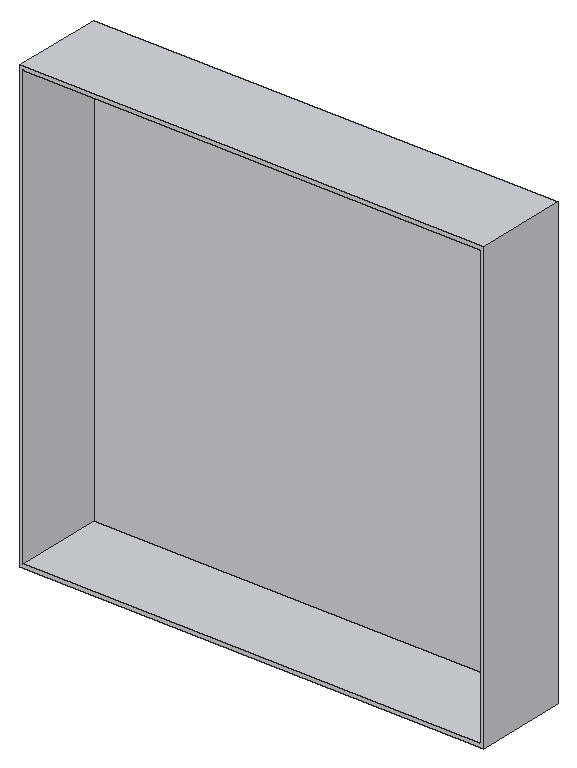
Revit family "Hager-Typ.B_TP&N_Cable_Spreader_Boxes_125A-empty-NoHosted-UK-en", category Electrical Equipment, Revit 2020
Family settings
  Panel Configuration = Two Columns, Circuits Across
  Round Connector Dimension = Use Diameter
  Part Type = Panelboard
  Work Plane-Based = Yes
  Always vertical = Yes
  Cut with Voids When Loaded = No
  Shared = No
  Room Calculation Point = No
Parameters (values of type "Surface mounted P2XC W465 H450 D91.5 0 Modular spacings - JK102LE")
  Width Control [instance] = if([HG000006 - Flush mounted], if([EF000846 - Built-in width] > min_whd, [EF000846 - Built-in width], min_whd), if([EF000008 - Width] > min_whd, ([EF000008 - Width]), min_whd))  # 465 mm
  Void Depth [instance] = if([EF000218 - Built-in depth] > 1 mm, [EF000218 - Built-in depth], 1 mm)  # 1 mm
  Type Comments = [HG000003 - Range]  # "Type B TP&N Distribution Boards"
  System Height [instance] = Height Control - 2 * [HG000005 - Thickness]  # 444 mm
  Panel Name [instance] = ""  # (empty or 0)
  Offset [instance] = 0 mm
  Model = [HG000004 - Manufacturer reference]  # "JK102LE"
  Level Offset [instance] = [Flush Mounted - Door Frame Width] + Offset  # 0 mm
  HG000017 - Distance between poles = 18 mm
  HG000016 - Door 3d visibility [instance] = yes
  HG000015 - Clearance visibility [instance] = no
  HG000014 - Door on the right [instance] = yes
  HG000013 - Door on the left [instance] = not([HG000014 - Door on the right])  # no
  HG000012 - Door swing angle [instance] = 45.00°
  HG000011 - Empty rows from bottom = no
  HG000010 - Asymmetric doors = no
  HG000009 - Double swing door = no
  HG000008 - Number of empty rows = 0
  HG000007 - Number of empty columns = 0
  HG000006 - Flush mounted = no
  HG000005 - Thickness = 3 mm  # constant formula
  HG000004 - Manufacturer reference = "JK102LE"
  HG000003 - Range = "Type B TP&N Distribution Boards"
  HG000002 - With door or cover = no
  HG000001 - Number of columns = 0
  EF015941 - Signal passing door = no
  EF015777 - Neutral terminal block = yes
  EF015776 - Earthing terminal block = yes
  EF009212 - Cover model = ""
  EF006306 - With lock = no
  EF006244 - Transparent cover/door = no
  EF005474 - Degree of protection (IP) = "EV009848 - IP2XC"
  EF004462 - Type of closure = "EV000154 - Other"
  EF002950 - Width in number of modular spacings = 0
  EF001596 - Material housing = "EV000179 - Steel"
  EF001134 - DIN-rail = no
  EF001131 - Internal depth = 0 mm
  EF001088 - Extension possible = no
  EF001062 - EMC-version = no
  EF000846 - Built-in width = 0 mm
  EF000339 - Type of cover = "EV005746 - Optional"
  EF000332 - Built-in height = 0 mm
  EF000266 - Number of rows = 0
  EF000218 - Built-in depth = 0 mm
  EF000118 - With mounting plate = no
  EF000116 - RAL-number = ""
  EF000049 - Depth = 92 mm
  EF000040 - Height = 450 mm
  EF000008 - Width = 465 mm
  EF000007 - Colour = "EV000154 - Other"
  EF000003 - Mounting method = "EV000384 - Surface mounted (plaster)"
  Description = ""
  Default Elevation = 1219.2 mm
  Arrow Offset [instance] = Depth Control / 8  # 11.5 mm
  Arrow Height [instance] = Depth Control - Arrow Offset  # 80.5 mm
  Host Offset [instance] = if([HG000006 - Flush mounted], 0 mm, [EF000049 - Depth])  # 92 mm
  min_whd [instance] = (2 * [HG000005 - Thickness]) + 1 mm  # 7 mm
  Manufacturer = "Hager"  # constant formula
  Height Control [instance] = if([HG000006 - Flush mounted], if([EF000332 - Built-in height] > min_whd, [EF000332 - Built-in height], min_whd), if([EF000040 - Height] > min_whd, ([EF000040 - Height]), min_whd))  # 450 mm
  Flush Mounted - Door Frame Width [instance] = if(([EF000040 - Height] - [EF000332 - Built-in height]) > 0 mm, if([HG000006 - Flush mounted], [EF000040 - Height] - [EF000332 - Built-in height], 0 mm), 0 mm)  # 0 mm
  Depth Control [instance] = if([HG000006 - Flush mounted], if([EF000218 - Built-in depth] > 0 mm, [EF000218 - Built-in depth], 1 mm), if([EF000049 - Depth] > 0 mm, ([EF000049 - Depth]), 1 mm))  # 92 mm
Reference planes
  plane 1 "Center (Front/Back)": y = 0
  plane 2: z = 0
  plane 3 "Center (Left/Right)": x = 0
  plane 4: y = 3
  plane 5: y = 0
  plane 6: y = 0
  plane 7: z = 0
  plane 8: x = -232.5
  plane 9: x = 232.5
  plane 10: x = 229.5
  plane 11: x = -229.5
  plane 12: z = 0
  plane 13: z = 3
  plane 14: y = -87
  plane 15: y = -92
  plane 16: y = -3
  plane 17: z = 447
  plane 18: z = 450
  plane 19: z = 225
  plane 20: x = 0
  plane 21: y = -100
Forms (mm)
  Extrusion 1, solid
    sketch origin (-208.679, -4572, 0) x (-1, 0, 0) y (0, -1, 0)
      loop
        line (23.821, -4480) -> (-441.179, -4480) -> (-441.179, -4572) -> (23.821, -4572) -> (23.821, -4480)
    from 0 to 450 <- "Height Control"
  Extrusion 2, void
    sketch origin (-350.771, -92, 1219.2) x (1, 0, 0) y (0, 0, 1)
      loop
        line (121.271, -772.2) -> (121.271, -1216.2) -> (580.271, -1216.2) -> (580.271, -772.2) -> (121.271, -772.2)
    from 0 to -89
  Extrusion 3, solid, detail levels coarse+medium
    sketch origin (-350.771, -92, 1219.2) x (-1, 0, 0) y (0, 0, 1)
      loop
        line (-121.271, -772.2) -> (-580.271, -772.2) -> (-580.271, -1216.2) -> (-121.271, -1216.2) -> (-121.271, -772.2)
    from 0 to 3 <- "HG000005 - Thickness"
Cuts and joins
  Extrusion 2 cuts Extrusion 1
Dimensions and locks
  "Flush Mounted - Door Frame Width": plane 1 "Center (Front/Back)" to plane 6
  "HG000005 - Thickness": plane 4 to plane 6
  "HG000005 - Thickness": plane 8 to plane 11
  "HG000005 - Thickness": plane 9 to plane 10
  equal spacing: plane 8, plane 3 "Center (Left/Right)", plane 9
  "Width Control": plane 8 to plane 9
  locked: plane 14 to plane 15 at 5
  "Host Offset": plane 1 "Center (Front/Back)" to plane 15
  "Depth Control": plane 5 to plane 15
  "HG000005 - Thickness": plane 5 to plane 16
  "HG000005 - Thickness": plane 13 to plane 12
  "Level Offset": plane 12 to level
  "HG000005 - Thickness": plane 18 to plane 17
  "Height Control": plane 18 to plane 12
  "Arrow Offset": plane 5 to nested 4
  equal spacing: plane 18, plane 19, plane 12
  locked: connector elem to plane 19
  locked: connector elem to plane 3 "Center (Left/Right)"
  aligned and locked: nested 1 to plane 14
  aligned and locked: plane 3 "Center (Left/Right)" to nested 1
  aligned and locked: plane 3 "Center (Left/Right)" to nested 2
  aligned and locked: nested 2 to plane 15
  aligned and locked: plane 5 to Extrusion 1
  aligned and locked: Extrusion 3 sketch curve to plane 17
  aligned and locked: Extrusion 3 sketch curve to plane 11
  aligned and locked: Extrusion 3 sketch curve to plane 13
  aligned and locked: Extrusion 3 sketch curve to plane 10
  aligned and locked: Extrusion 2 sketch curve to plane 13
  aligned and locked: Extrusion 2 sketch curve to plane 10
  aligned and locked: Extrusion 2 sketch curve to plane 17
  aligned and locked: Extrusion 2 sketch curve to plane 11
  aligned and locked: plane 16 to Extrusion 2
  aligned and locked: plane 5 to Extrusion 1 sketch curve
  aligned and locked: plane 9 to Extrusion 1 sketch curve
  aligned and locked: plane 8 to Extrusion 1 sketch curve
  aligned and locked: plane 8 to nested 4
  aligned and locked: plane 8 to nested 3
  aligned and locked: nested 3 to plane 5
  aligned and locked: Extrusion 1 sketch curve to plane 15
  aligned and locked: Extrusion 2 to plane 15
Nested families
  nested 1: "Hager_Enclosure_System" at (0, -87, 3), Flush_Mounted <- "HG000006 - Flush mounted", Width <- "EF000008 - Width", Height <- "System Height", Width_Control <- "Width Control", Row_Module_Multiplicator <- "EF002950 - Width in number of modular spacings", Empty_Columns <- "HG000007 - Number of empty columns", Built-in_Width <- "EF000846 - Built-in width", Border <- "HG000005 - Thickness", Total_No_Empty_Rows <- "HG000008 - Number of empty rows", Depth <- "HG000005 - Thickness", Empty_Rows_From_Bottom <- "HG000011 - Empty rows from bottom", Distance_Between_Poles <- "HG000017 - Distance between poles", Rows_Count <- "EF000266 - Number of rows", Columns_Count <- "HG000001 - Number of columns", type "Hager_Enclosure_System", detail levels medium+fine
    with Width_Control 465 mm, Width 465 mm, Total_No_Rows 0, Total_No_Empty_Rows 0, Total_No_Columns 1, System_Width 459 mm, Rows_Count 0, Rows_Column 0, Row_Module_Multiplicator 0, Panel_4 no, Panel_3 no, Panel_2 no, Panel_1 no, No_Panels_Ctrl 1, Hide_Columns yes, Height 444 mm, Flush_Mounted no, Empty_Rows_From_Bottom no, Empty_Rows_Column 0, Empty_Columns 0, Distance_Between_Poles 18 mm, Depth 3 mm, Columns_Count 0, Column_Width 459 mm, Built-in_Width 0 mm, Border 3 mm
  nested 2: "Hager_Enclosure_Door" at (0, -92, 0), Double <- "HG000009 - Double swing door", Height_Ctrl <- "Height Control", Transparent <- "EF006244 - Transparent cover/door", Depth <- "EF000049 - Depth", Height <- "EF000040 - Height", Angle <- "HG000012 - Door swing angle", Door_Right <- "HG000014 - Door on the right", Assymetrical <- "HG000010 - Asymmetric doors", Flush_Mounted <- "HG000006 - Flush mounted", BuiltIn_Depth <- "EF000218 - Built-in depth", BuiltIn_Width <- "EF000846 - Built-in width", Door <- "HG000002 - With door or cover", Width_Ctrl <- "Width Control", 3d_Door <- "HG000016 - Door 3d visibility", Width <- "EF000008 - Width", Border <- "HG000005 - Thickness", BuiltIn_Height <- "EF000332 - Built-in height", Clearance <- "HG000015 - Clearance visibility", Door_Left <- "HG000013 - Door on the left", type "Hager_Enclosure_Door", detail levels medium+fine
    with min_wh 7 mm, Width_Ctrl 465 mm, Width 465 mm, Transparent_Door_No_Bottom_Border no, Transparent no, Leaf_Width 456 mm, Leaf_Tolerance 1.5 mm, Leaf_Height 441 mm, Leaf_2_Width 456 mm, Leaf_2_Offset 228 mm, Leaf_1_Width 456 mm, Leaf_1_Offset 228 mm, Height_Ctrl 450 mm, Height 450 mm, Frame_Width_Ctrl 465 mm, Frame_Width 465 mm, Frame_Internal_Offset 0 mm, Frame_Height_Ctrl 450 mm, Frame_Height 450 mm, Frame_Depth_Ctrl 1 mm, Frame_Depth 0 mm, Flush_Mounted no, Double_Clearance_Ctrl no, Double no, Door_Right_Ctrl no, Door_Right yes, Door_Left_Ctrl no, Door_Left no, Door no, Depth 92 mm, Clearance_Depth 456 mm, Clearance_Ctrl no, Clearance no, BuiltIn_Width 0 mm, BuiltIn_Height 0 mm, BuiltIn_Depth 0 mm, Border 3 mm, Assymetrical no, Angle 45.00°, 3d_Door yes
  nested 3: "Hager_Enclosure_Symbol_Triangle" at (-232.5, 0, 0), Depth <- "Depth Control", Width <- "Width Control", type "Hager_Enclosure_Symbol_Triangle"
    with Width_Ctrl 465 mm, Width 465 mm, Depth_Ctrl 92 mm, Depth 92 mm
  nested 4: "Hager_Enclosure_Symbol_Arrow" at (-232.5, -11.5, 0), Height <- "Arrow Height", type "Hager_Enclosure_Symbol_Arrow"
    with Width_Inside 6.038 mm, Width 72.45 mm, Height_Ctrl 80.5 mm, Height 80.5 mm
Connectors
  electrical at (0, 0, 225)
    settings: on plane 5, index 1, voltage 0 V, apparent load 0 VA, apparent load phase1 0 VA, apparent load phase2 0 VA, apparent load phase3 0 VA, power factor 1, load classification "Other", number of poles 1, system type 30, power factor state 1, is connector primary yes, connector utility no, sub classification motor no, connector description ""
Definition of nested family "Hager_Enclosure_Door"
  Parameters (values of type "Hager_Enclosure_Door")
    min_wh [instance] = (2 * Border) + 1 mm  # 11 mm
    Width_Ctrl [instance] = 400 mm
    Width [instance] = 500 mm
    Transparent_Door_No_Bottom_Border [instance] = no
    Transparent [instance] = yes
    Leaf_Width [instance] = if((Width_Ctrl - 2 * Border - 2 * Leaf_Tolerance) > 0 mm, (Width_Ctrl - 2 * Border - 2 * Leaf_Tolerance), min_wh)  # 387 mm
    Leaf_Tolerance [instance] = 1.5 mm  # constant formula
    Leaf_Height [instance] = if((Height_Ctrl - 2 * Border - 2 * Leaf_Tolerance) > 0 mm, (Height_Ctrl - 2 * Border - 2 * Leaf_Tolerance), min_wh)  # 387 mm
    Leaf_2_Width [instance] = if(and(and(Double, Assymetrical), Door_Left), (Leaf_Width / 3) - (Leaf_Tolerance / 2), if(and(and(Double, Assymetrical), Door_Right), (Leaf_Width / 3) * 2 - (Leaf_Tolerance / 2), if(and(Double, not(Assymetrical)), (Leaf_Width / 2) - Leaf_Tolerance, Leaf_Width)))  # 387 mm
    Leaf_2_Offset [instance] = if(and(Double, Assymetrical), Leaf_2_Width / 2, if(and(Double, not(Assymetrical)), Leaf_Width / 4, Leaf_Width / 2))  # 193.5 mm
    Leaf_1_Width [instance] = if(and(and(Double, Assymetrical), Door_Right), (Leaf_Width / 3) - (Leaf_Tolerance / 2), if(and(and(Double, Assymetrical), Door_Left), (Width / 3) * 2 - (Leaf_Tolerance / 2), if(and(Double, not(Assymetrical)), (Leaf_Width / 2) - Leaf_Tolerance, Leaf_Width)))  # 387 mm
    Leaf_1_Offset [instance] = if(and(Double, Assymetrical), Leaf_1_Width / 2, if(and(Double, not(Assymetrical)), Leaf_Width / 4, Leaf_Width / 2))  # 193.5 mm
    Height_Ctrl [instance] = 400 mm
    Height [instance] = 500 mm
    Frame_Width_Ctrl [instance] = if(Frame_Width > 0 mm, Frame_Width, 1 mm)  # 1 mm
    Frame_Width [instance] = Width - BuiltIn_Width  # 0 mm
    Frame_Internal_Offset [instance] = if(Flush_Mounted, Border, 0 mm)  # 5 mm
    Frame_Height_Ctrl [instance] = if(Frame_Height > 0 mm, Frame_Height, 1 mm)  # 1 mm
    Frame_Height [instance] = Height - BuiltIn_Height  # 0 mm
    Frame_Depth_Ctrl [instance] = if(Frame_Depth > 0 mm, Frame_Depth, 1 mm)  # 1 mm
    Frame_Depth [instance] = if(Depth - BuiltIn_Depth > 0 mm, if(Flush_Mounted, Depth - BuiltIn_Depth, 0 mm), 0 mm)  # 0 mm
    Flush_Mounted [instance] = yes
    Double_Clearance_Ctrl [instance] = and(Double, Clearance)  # no
    Double [instance] = no
    Door_Right_Ctrl [instance] = and(or(Door_Right, Double), Door)  # yes
    Door_Right [instance] = yes
    Door_Left_Ctrl [instance] = and(or(Door_Left, Double), Door)  # no
    Door_Left [instance] = no
    Door [instance] = yes
    Depth [instance] = 500 mm
    Default Elevation = 1219.2 mm
    Clearance_Material = none
    Clearance_Depth [instance] = if(Leaf_1_Width > Leaf_2_Width, Leaf_1_Width, Leaf_2_Width)  # 387 mm
    Clearance_Ctrl [instance] = and(not(Double), Clearance)  # yes
    Clearance [instance] = yes
    BuiltIn_Width [instance] = 500 mm
    BuiltIn_Height [instance] = 500 mm
    BuiltIn_Depth [instance] = 500 mm
    Border [instance] = 5 mm
    Assymetrical [instance] = yes
    Angle [instance] = 30.00°
    3d_Door [instance] = yes
  Reference planes
    plane 1 "Center (Front/Back)": y = 0
    plane 2 "Bottom": z = 0
    plane 3 "Center (Left/Right)": x = 0
    plane 4: z = 400
    plane 5: x = -200
    plane 6: x = 200
    plane 7: z = 395
    plane 8: x = -195
    plane 9: z = 5
    plane 10: x = 195
    plane 11: y = 0
    plane 12: z = 6.5
    plane 13: x = -582
    plane 14: y = -387
    plane 15: x = 582
    plane 16: x = 0
    plane 17: x = 0
    plane 18: x = -193.5
    plane 19: x = 193.5
    plane 20: z = 393.5
  Forms (mm)
    Extrusion 1, solid, visible <- "Flush_Mounted"
      sketch origin (0, 0, 0) x (1, 0, 0) y (0, 0, 1)
        loop
          line (195, 5) -> (195, 395) -> (-195, 395) -> (-195, 5) -> (195, 5)
        loop
          line (-201, 401) -> (-201, -1) -> (201, -1) -> (201, 401) -> (-201, 401)
      from 0 to 1 <- "Frame_Depth_Ctrl"
    Extrusion 2, solid, material <- "Clearance_Material", visible <- "Double_Clearance_Ctrl"
      sketch origin (1200, 0, 0) x (1, 0, 0) y (0, 0, -1)
        loop
          line (-1782, -393.5) -> (-618, -393.5) -> (-618, 0) -> (-1782, 0) -> (-1782, -393.5)
      from 0 to -387
  Dimensions and locks
    equal spacing: plane 5, plane 3 "Center (Left/Right)", plane 6
    "Width_Ctrl": plane 5 to plane 6
    "Border": plane 5 to plane 8
    "Border": plane 6 to plane 10
    "Border": plane 9 to level
    "Border": plane 4 to plane 7
    "Height_Ctrl": plane 4 to level
    "Leaf_Tolerance": plane 12 to plane 9
    "Frame_Depth": plane 11 to plane 1 "Center (Front/Back)"
    "Frame_Width_Ctrl": plane 5 to Extrusion 1 sketch curve
    "Frame_Width_Ctrl": plane 6 to Extrusion 1 sketch curve
    "Frame_Width_Ctrl": Extrusion 1 sketch curve to plane 4
    "Frame_Width_Ctrl": plane 2 "Bottom" to Extrusion 1 sketch curve
    "Leaf_1_Offset": plane 18 to plane 16
    "Leaf_2_Offset": plane 17 to plane 19
    "Leaf_1_Width": plane 13 to plane 8
    "Leaf_2_Width": plane 10 to plane 15
    "Clearance_Depth": plane 14 to plane 1 "Center (Front/Back)"
    "Leaf_Tolerance": plane 8 to plane 18
    "Leaf_Tolerance": plane 19 to plane 10
    "Leaf_Tolerance": plane 7 to plane 20
    "Frame_Internal_Offset": plane 5 to Extrusion 1 sketch curve
    "Frame_Internal_Offset": Extrusion 1 sketch curve to plane 2 "Bottom"
    "Frame_Internal_Offset": plane 6 to Extrusion 1 sketch curve
    "Frame_Internal_Offset": plane 4 to Extrusion 1 sketch curve
    aligned and locked: level to plane 2 "Bottom"
    aligned and locked: nested 1 to plane 16
    aligned and locked: nested 2 to plane 17
    aligned and locked: Extrusion 2 to plane 13
    aligned and locked: plane 15 to Extrusion 2
    aligned and locked: Extrusion 2 to plane 14
    aligned and locked: plane 12 to nested 1
    aligned and locked: nested 2 to plane 12
    aligned and locked: Extrusion 2 to plane 11
    aligned and locked: plane 20 to Extrusion 2
    aligned and locked: nested 2 to plane 11
    aligned and locked: nested 1 to plane 11
  Automatic sketch dimensions
    Extrusion 2 sketch curve to level = 0 mm
    plane 5 to Extrusion 2 sketch curve = 382 mm
    plane 6 to Extrusion 2 sketch curve = 382 mm
    Extrusion 2 sketch curve to plane 4 = 6.5 mm
  Nested families
    nested 1: "Hager_Enclosure_Door_Leaf" at (0, 0, 6.5), Width <- "Leaf_1_Width", visible <- "Door_Left_Ctrl", Leaf_Height <- "Leaf_Height", Angle <- "Angle", Depth <- "Border", 3d_Door <- "3d_Door", Transparent <- "Transparent", Clearance Material <- "Clearance_Material", Clearance <- "Clearance_Ctrl", Transparent_Door_No_Bottom_Border <- "Transparent_Door_No_Bottom_Border", type "Hager_Enclosure_Door_Leaf"
      with Width 387 mm, Transparent_Door_No_Bottom_Border no, Transparent_Door_Border_Bottom_Top 25 mm, Transparent_Door_Border 25 mm, Transparent_Ctrl yes, Transparent yes, Standard no, Leaf_Height 387 mm, Glass_Offset 1 mm, Depth 5 mm, Clearance Material none, Clearance yes, Angle_Ctrl 30.00°, Angle 30.00°, 3d_Door yes
    nested 2: "Hager_Enclosure_Door_Leaf" at (0, 0, 6.5) x (-1, 0, 0) z (0, 0, 1), Width <- "Leaf_2_Width", visible <- "Door_Right_Ctrl", Leaf_Height <- "Leaf_Height", Angle <- "Angle", Depth <- "Border", 3d_Door <- "3d_Door", Transparent <- "Transparent", Clearance Material <- "Clearance_Material", Clearance <- "Clearance_Ctrl", Transparent_Door_No_Bottom_Border <- "Transparent_Door_No_Bottom_Border", type "Hager_Enclosure_Door_Leaf"
      with Width 387 mm, Transparent_Door_No_Bottom_Border no, Transparent_Door_Border_Bottom_Top 25 mm, Transparent_Door_Border 25 mm, Transparent_Ctrl yes, Transparent yes, Standard no, Leaf_Height 387 mm, Glass_Offset 1 mm, Depth 5 mm, Clearance Material none, Clearance yes, Angle_Ctrl 30.00°, Angle 30.00°, 3d_Door yes
  Definition of nested family "Hager_Enclosure_Door_Leaf"
    Parameters (values of type "Hager_Enclosure_Door_Leaf")
      Width [instance] = 2000 mm
      Transparent_Door_No_Bottom_Border [instance] = yes
      Transparent_Door_Border_Bottom_Top [instance] = if(Transparent_Door_No_Bottom_Border, 0.1 mm, Transparent_Door_Border)  # 0.1 mm
      Transparent_Door_Border [instance] = if(Transparent_Door_No_Bottom_Border, (Width * 0.12), 25 mm)  # 240 mm
      Transparent_Ctrl [instance] = and(Transparent, [3d_Door])  # yes
      Transparent [instance] = yes
      Standard [instance] = and(not(Transparent), [3d_Door])  # no
      Leaf_Height [instance] = 2720.336 mm
      Glass_Offset [instance] = if((Depth - 10 mm) / 2 > 0 mm, (Depth - 10 mm) / 2, 1 mm)  # 15 mm
      Glass_Material = none
      Depth [instance] = 40 mm
      Default Elevation = 0 mm
      Clearance Material [instance] = none
      Clearance [instance] = yes
      Angle_Ctrl [instance] = if(Angle > 170.00°, 170.00°, Angle)  # 45.00°
      Angle [instance] = 45.00°
      3d_Door [instance] = yes
    Reference planes
      plane 1 "Center (Front/Back)": y = 0
      plane 2: z = 0
      plane 3 "Center (Left/Right)": x = 0
      plane 4: y = 2000
      plane 5: x = -1000
      plane 6: x = 1000
      plane 7: x = -3000
      plane 8: z = 2720.336
      plane 9: z = 0.1
      plane 10: z = 2720.236
      plane 11: x = 760
      plane 12: x = -760
    Forms (mm)
      Extrusion 1, solid, material <- "Clearance Material", visible <- "Clearance"
        sketch origin (0, 0, 0) x (1, 0, 0) y (0, 0, 1)
          loop
            line (-3000, 2720.336) -> (-3000, 0) -> (1000, 0) -> (1000, 2720.336) -> (-3000, 2720.336)
        from 0 to -2000
      Extrusion 2, solid, visible <- "Standard", detail levels medium+fine
        sketch origin (-1000, 0, 0) x (0.707107, 0.707107, 0) y (-0.707107, 0.707107, 0)
          loop
            line (0, -40) -> (2000, -40) -> (2000, 0) -> (0, 0) -> (0, -40)
        from 0 to 2720.336 <- "Leaf_Height"
      Extrusion 3, solid, visible <- "Transparent_Ctrl", detail levels medium+fine
        sketch origin (-1000, 0, 0) x (0.707107, 0.707107, 0) y (-0.707107, 0.707107, 0)
          loop
            line (0, -40) -> (2000, -40) -> (2000, 0) -> (0, 0) -> (0, -40)
        from 0 to 2720.336 <- "Leaf_Height"
      Extrusion 4, void, detail levels medium+fine
        sketch origin (-1000, 0, 0) x (-0.707107, 0.707107, 0) y (0.707107, 0.707107, 0)
          loop
            line (0, 240) -> (0, 1760) -> (-40, 1760) -> (-40, 240) -> (0, 240)
        from -2720.236 to -0.1
      Extrusion 5, solid, material <- "Glass_Material", visible <- "Transparent_Ctrl", detail levels medium+fine
        sketch origin (-1000, 0, 0) x (0.707107, 0.707107, 0) y (-0.707107, 0.707107, 0)
          loop
            line (240, -15) -> (240, -25) -> (1760, -25) -> (1760, -15) -> (240, -15)
        from 0.1 to 2720.236
    Cuts and joins
      Extrusion 4 cuts Extrusion 3
    Lines and regions (mm)
      symbolic lines
        curve 1: line (1000, 0, 0) -> (-3000, 0, 0)
        curve 2: arc (1000, 0, 0) -> (-1000, 2000, 0) -> (-3000, 0, 0) r 2000
        curve 4: line (-1000, 0, 0) -> (414.214, 1414.214, 0)
      reference lines
        curve 3: line (-1000, 0, 0) -> (414.214, 1414.214, 0)
      symbolic lines, detail levels medium+fine
        curve 5: line (414.214, 1414.214, 0) -> (442.498, 1385.929, 0)
        curve 6: line (442.498, 1385.929, 0) -> (-971.716, -28.284, 0)
        curve 7: line (-971.716, -28.284, 0) -> (-1000, 0, 0)
        curve 8: line (-1000, 0, 2720.336) -> (1000, 0, 2720.336)
        curve 9: line (-1000, 0, 0) -> (-1000, 0, 2720.336)
        curve 10: line (1000, 0, 0) -> (-1000, 0, 0)
        curve 11: line (1000, 0, 2720.336) -> (1000, 0, 0)
      symbolic lines, visible <- "Transparent_Ctrl", detail levels medium+fine
        curve 12: line (-760, 0, 2720.236) -> (760, 0, 2720.236)
        curve 13: line (-760, 0, 0.1) -> (-760, 0, 2720.236)
        curve 14: line (760, 0, 0.1) -> (-760, 0, 0.1)
        curve 15: line (760, 0, 2720.236) -> (760, 0, 0.1)
    Dimensions and locks
      "Width": plane 1 "Center (Front/Back)" to plane 4
      equal spacing: plane 5, plane 3 "Center (Left/Right)", plane 6
      "Width": plane 5 to plane 6
      "Width": plane 7 to plane 5
      "Leaf_Height": plane 8 to level
      "Depth": curve 6 to curve 3
      "Width": curve 5 to curve 3
      "Width": curve 3 to curve 3
      "Transparent_Door_Border": Extrusion 4 sketch curve to curve 7
      "Transparent_Door_Border": Extrusion 4 sketch curve to curve 5
      "Transparent_Door_Border_Bottom_Top": plane 8 to plane 10
      "Transparent_Door_Border_Bottom_Top": plane 9 to level
      "Glass_Offset": Extrusion 5 sketch curve to curve 4
      "Glass_Offset": Extrusion 5 sketch curve to curve 6
      "Transparent_Door_Border": Extrusion 5 sketch curve to curve 5
      "Transparent_Door_Border": Extrusion 5 sketch curve to curve 7
      "Transparent_Door_Border": plane 12 to plane 5
      "Transparent_Door_Border": plane 6 to plane 11
      "Angle_Ctrl": angle plane 1 "Center (Front/Back)" to curve 3
      aligned and locked: level to plane 2
      aligned and locked: Extrusion 1 to curve 1
      aligned and locked: plane 6 to Extrusion 1
      aligned and locked: Extrusion 1 to plane 1 "Center (Front/Back)"
      aligned and locked: plane 4 to Extrusion 1
      aligned and locked: plane 8 to Extrusion 1
      aligned and locked: curve 4 to curve 3
      aligned and locked: Extrusion 2 sketch curve to curve 7
      aligned and locked: Extrusion 2 sketch curve to curve 6
      aligned and locked: Extrusion 2 sketch curve to curve 5
      aligned and locked: Extrusion 2 sketch curve to curve 3
      aligned and locked: curve 7 to Extrusion 3 sketch curve
      aligned and locked: Extrusion 3 sketch curve to curve 4
      aligned and locked: Extrusion 3 sketch curve to curve 6
      aligned and locked: Extrusion 3 sketch curve to curve 5
      aligned and locked: curve 4 to Extrusion 4 sketch curve
      aligned and locked: curve 6 to Extrusion 4 sketch curve
      aligned and locked: Extrusion 4 to plane 9
      aligned and locked: Extrusion 4 to plane 10
      aligned and locked: Extrusion 5 to plane 9
      aligned and locked: Extrusion 5 to plane 10
      aligned and locked: curve 8 to plane 8
      aligned and locked: plane 5 to curve 9
      aligned and locked: plane 2 to curve 10
      aligned and locked: curve 11 to plane 6
      aligned and locked: plane 10 to curve 12
      aligned and locked: plane 12 to curve 13
      aligned and locked: curve 14 to plane 9
      aligned and locked: plane 11 to curve 15
    Automatic sketch dimensions
      plane 1 "Center (Front/Back)" to curve 2 = 0 mm
      curve 2 to plane 5 = 0 mm
      Extrusion 1 sketch curve to level = 0 mm
      Extrusion 1 sketch curve to plane 7 = 0 mm
      Extrusion 1 sketch curve to plane 6 = 0 mm
      Extrusion 1 sketch curve to plane 8 = 0 mm
      plane 1 "Center (Front/Back)" to curve 3 = 0 mm
      curve 3 to plane 5 = 0 mm
      curve 7 to curve 3 = 0 mm
Definition of nested family "Hager_Enclosure_Symbol_Triangle"
  Parameters (values of type "Hager_Enclosure_Symbol_Triangle")
    Width_Ctrl [instance] = if(Width > 1 mm, Width, 1 mm)  # 498 mm
    Width [instance] = 498 mm
    Depth_Ctrl [instance] = if(Depth > 1 mm, Depth, 1 mm)  # 72 mm
    Depth [instance] = 72 mm
  Reference planes
    plane 1 "Centre (avant/arrière)": y = 0
    plane 2: z = 0
    plane 3 "Centre (gauche/droite)": x = 0
  Lines and regions (mm)
    Filled region 1, type "Solid_Black", in view "Niveau de réf."
      outline origin (0, 0, 0) x (1, 0, 0) y (0, 1, 0)
        loop
          line (0, 0) -> (498, 0) -> (498, 72) -> (0, 0)
    reference lines, in view "Niveau de réf."
      curve 1: line (-206.153, 72, 0) -> (1083.258, 72, 0)
      curve 2: line (498, 405.456, 0) -> (498, -517.619, 0)
  Dimensions and locks
    "Depth_Ctrl": plane 1 "Centre (avant/arrière)" to curve 1
    "Width_Ctrl": plane 3 "Centre (gauche/droite)" to curve 2
    aligned and locked: curve 1 to Filled region 1 sketch curve
    aligned and locked: Filled region 1 sketch curve to plane 1 "Centre (avant/arrière)"
    aligned and locked: curve 2 to Filled region 1 sketch curve
    aligned and locked: plane 3 "Centre (gauche/droite)" to Filled region 1 sketch curve
    aligned and locked: plane 1 "Centre (avant/arrière)" to Filled region 1 sketch curve
  Automatic sketch dimensions
    curve 1 to plane 3 "Centre (gauche/droite)" = 206.153 mm
    curve 2 to curve 1 = 585.258 mm
    plane 1 "Centre (avant/arrière)" to curve 2 = 517.619 mm
    curve 2 to plane 1 "Centre (avant/arrière)" = 405.456 mm
Definition of nested family "Hager_Enclosure_Symbol_Arrow"
  Parameters (values of type "Hager_Enclosure_Symbol_Arrow")
    Width_Inside [instance] = if(Width / 12 > 2 mm, Width / 12, 2 mm)  # 4.987 mm
    Width [instance] = if(Height_Ctrl * 0.9 > 2 mm, Height_Ctrl * 0.9, 2 mm)  # 59.85 mm
    Height_Ctrl [instance] = if(Height > 2 mm, Height, 2 mm)  # 66.5 mm
    Height [instance] = 66.5 mm
  Reference planes
    plane 1 "Centre (avant/arrière)": y = 0
    plane 2: z = 0
    plane 3 "Centre (gauche/droite)": x = 0
    plane 4: x = 59.85
    plane 5: y = 28.263
    plane 6: y = 38.238
    plane 7: y = 66.5
    plane 8: x = 29.925
    plane 9: y = 33.25
  Lines and regions (mm)
    Filled region 1, type "Solid_Black", in view "Niveau de réf."
      outline origin (0, 0, 0) x (1, 0, 0) y (0, 1, 0)
        loop
          line (59.85, 66.5) -> (37.929, 52.827) -> (51.846, 41.935) -> (59.85, 66.5)
    detail lines, in view "Niveau de réf."
      curve 1: line (0, 0, 0) -> (29.925, 38.238, 0)
      curve 2: line (29.925, 38.238, 0) -> (29.925, 28.263, 0)
      curve 3: line (29.925, 28.263, 0) -> (59.85, 66.5, 0)
  Dimensions and locks
    "Width": plane 3 "Centre (gauche/droite)" to plane 4
    "Height_Ctrl": plane 7 to plane 1 "Centre (avant/arrière)"
    equal spacing: plane 3 "Centre (gauche/droite)", plane 8, plane 4
    equal spacing: plane 7, plane 9, plane 1 "Centre (avant/arrière)"
    equal spacing: plane 6, plane 9, plane 5
    "Width_Inside": plane 6 to plane 9
    equal spacing: curve 3, Filled region 1 sketch curve, Filled region 1 sketch curve
    angle Filled region 1 sketch curve to curve 3 = 20.00°
    angle curve 3 to Filled region 1 sketch curve = 20.00°
    locked: curve 3 to Filled region 1 sketch curve (angle 90.00°)
  Automatic sketch dimensions
    plane 1 "Centre (avant/arrière)" to curve 1 = 0 mm
    curve 1 to plane 3 "Centre (gauche/droite)" = 0 mm
    curve 2 to plane 6 = 0 mm
    curve 3 to plane 8 = 0 mm
    curve 3 to plane 4 = 0 mm
    curve 2 to plane 5 = 0 mm
    curve 3 to plane 7 = 0 mm
    Filled region 1 sketch curve to plane 4 = 0 mm
    Filled region 1 sketch curve to plane 7 = 0 mm
